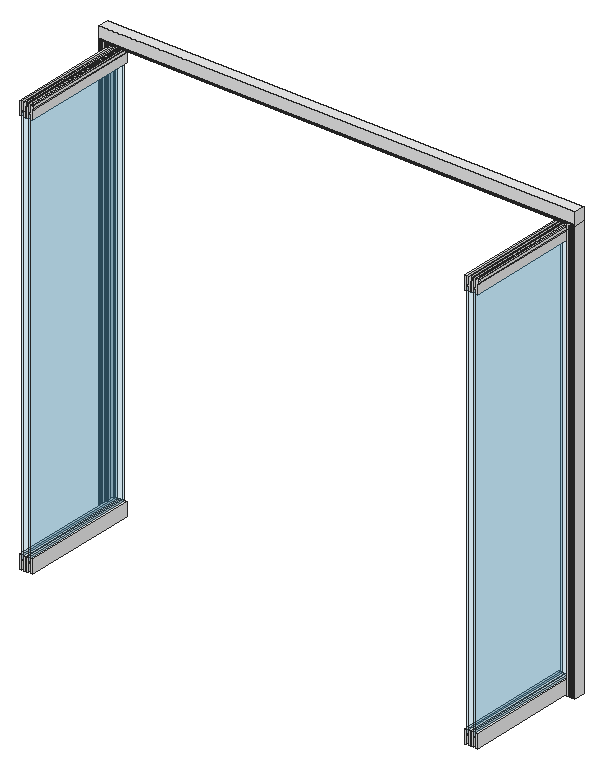
Revit family "98123", category Windows, host Wall, Revit 2018
Family settings
  Host = Wall
  OmniClass Number = 23.30.20.00
  OmniClass Title = Windows
  Always vertical = Yes
  Cut with Voids When Loaded = No
  Shared = No
  Room Calculation Point = No
Parameters (values of type "Standard")
  Y N Overide Stack [instance] = no
  Y N Overide Number of Panels [instance] = no
  Warranty URL = "http://www.nanawall.com/support/warranty"
  URL = "http://www.nanawall.com/"
  Thickness = 0' - 1 95/128"
  Subcategory = "Folding Window"  # constant formula
  Split Stack Right [instance] = 1
  Split Stack [instance] = no
  Size Comment [instance] = if(or(Y N Overide Stack, Y N Overide Number of Panels), "CONTACT NANAWALL FOR SPECIAL SIZING", " ")  # " "
  Size Chart [instance] = "http://www.nanawall.com/products/sl25/sizes"
  Single Right Stack [instance] = if(and(Y N Overide Stack, Left Stack), 1 = 0, if(Right Standard = 1, 1 = 1, if(and(C Split Stack, Split Stack Right = 1), 1 = 1, 1 = 0)))  # no
  Single Panel [instance] = if(and(Open, Width < 3' 3 1/16"), 1 = 1, if(Width > 3' 3", 1 = 0, 1 = 0))  # no
  Single Left Stack [instance] = if(and(not(Y N Overide Stack), (Left Standard = 1)), 1 = 1, if(and(Y N Overide Stack, Left Stack, (Panels = 1)), 1 = 1, (if(and(C Split Stack, Split Stack Right = Panels - 1), 1 = 1, 1 = 0))))  # no
  Sills Available = "Raised, Low Profile Saddle, Flush"  # constant formula
  Sash = Metal - NanaWall - Aluminum
  Rough Width = Width - (2 * (0' 0 121/128"))  # 9' - 10 7/64"
  Rough Height = Height Constraint  # 9' - 2"
  Right Standard [instance] = roundup(Panels / 2)  # 2
  Right Stack Width [instance] = RS C * Thickness  # 0' - 3 31/64"
  Right Stack [instance] = no
  RS C [instance] = if(RS = 1, 2, if(RS = 0, 2, if(C Split Stack, Split Stack Right, RS)))  # 2
  RS [instance] = if(Not Override Stack, Right Standard, if(C Right Stack, Panels, if(C Left Stack, 2, if(C Split Stack, Split Stack Right, 2))))  # 2
  Product Page URL = "http://www.nanawall.com/products/hsw75"
  Performance URL = "http://www.nanawall.com/products/hsw75/performance"
  Panels [instance] = if(Y N Overide Number of Panels, Overide Number of Panels, Panel Constraint)  # 4
  Panel Width [instance] = Opening Width / Panels  # 2' - 5 9/16"
  Panel Height = Height Constraint  # 9' - 2"
  Panel Constraint [instance] = if(Width < 6' 0", 2, if(Width < 9' 0", 3, if(Width < 12' 0", 4, if(Width < 15' 0", 5, if(Width < 18' 0", 6, if(Width < 21' 0", 7, if(Width < 24' 0", 8, if(Width < 27' 0", 9, if(Width < 30' 0", 10, if(Width < 33' 0", 11, if(Width < 36' 0", 12, if(Width < 39' 0", 13, if(Width < 42' 0", 14, if(Width < 45' 0", 15, if(Width < 48' 0", 16, if(Width < 51' 0", 17, if(Width < 54' 0", 18, if(Width < 57' 0", 19, if(Width < 60' 0", 20, 21)))))))))))))))))))  # 4
  Overide Number of Panels [instance] = 6
  Opening Width = Width - (0' 0 7/8" * 2)  # 9' - 10 1/4"
  Open Right Single [instance] = if(and(Open, Single Right Stack), 1 = 1, 1 = 0)  # no
  Open Right Multi [instance] = if(and(Open, Multiple Right Stack), 1 = 1, 1 = 0)  # yes
  Open Left Single [instance] = if(and(Open, Single Left Stack), 1 = 1, 1 = 0)  # no
  Open Left Multi [instance] = if(and(Open, Multiple Left Stack), 1 = 1, 1 = 0)  # yes
  Open [instance] = yes
  Not Override Stack [instance] = not(Y N Overide Stack)  # yes
  NanaWall Configurator = "http://www.nanawall.com/content/select-wizard"
  Multiple Right Stack [instance] = if(Width < 3' 3 1/16", 1 = 0, if(and(Right Standard < 1.5, Not Override Stack), 1 = 0, if(and(Right Standard > 1, Not Override Stack), 1 = 1, (if(and(C Split Stack, Split Stack Right > 1), 1 = 1, if(C Right Stack, 1 = 1, 1 = 0))))))  # yes
  Multiple Panel [instance] = if(and(Open, Width > 3' 3 1/16"), 1 = 0, if(and(Closed, Width > 3' 3 1/16"), 1 = 1, if(Width < 3' 3", 1 = 0, 1 = 1)))  # no
  Multiple Left Stack [instance] = if(and(Left Standard > 1, Not Override Stack), 1 = 1, (if(and(C Split Stack, Split Stack Right < Panels - 1), 1 = 1, if(C Left Stack, 1 = 1, 1 = 0))))  # yes
  Model = "HSW75"  # constant formula
  Max Panel Height = if(Panel Height > 9' 6", 9' 6", Panel Height)  # 9' - 2"
  Manufacturer Toll Free Phone = "(888) 411-NANA(6262)"  # constant formula
  Manufacturer Phone = "(415) 383-3148"  # constant formula
  Manufacturer Fax = "(415) 383-0312"  # constant formula
  Manufacturer Email = "mailto:info@nanawall.com"
  Manufacturer Address = "100 Meadowcreek Drive #250, Corte Madera, CA 94925"  # constant formula
  Manufacturer = "NanaWall Systems, Inc."  # constant formula
  Left Standard [instance] = rounddown(Panels / 2)  # 2
  Left Stack Width [instance] = LS C * Thickness  # 0' - 3 31/64"
  Left Stack [instance] = no
  LS C [instance] = if(L S = 1, 2, if(L S = 0, 2, if(C Split Stack, Panels - Split Stack Right, L S)))  # 2
  L S [instance] = if(Not Override Stack, Left Standard, if(C Left Stack, Panels, if(C Right Stack, 2, if(C Split Stack, Panels - Split Stack Right, 2))))  # 2
  Jamb Height = if(Height < 3' 3", 3' 3 61/64", if(Height > 9' 2", 9' 2 61/64", Height + 0' 0 61/64"))  # 9' - 2 61/64"
  Installation and Service URL = "http://www.nanawall.com/support/installer"
  Height Constraint = if(Height < 3' 3", 3' 3", if(Height > 9' 2", 9' 2", Height))  # 9' - 2"
  Height = 9' - 6"
  Wall Closure = By host
  Width = 10' - 0"
  Half Panel Width [instance] = Panel Width / 2  # 1' - 2 25/32"
  Glazing Options = "http://www.nanawall.com/products/hsw75/glass"
  Glass Material = Glass - NanaWall - Generic
  Exterior Wall Offset = 0' - 4"
  Engineering Details URL = "http://www.nanawall.com/shortform?typ=NW%20-%20CAD%20Download&doc=http://www.nanawall.com/products/hsw75/cad-3d"
  Disclaimer = "Please note that the Revit model is for schematic purposes only.  To obtain a detailed 3D model, please go to the NanaWall's configurator at www.nanawall.com."  # constant formula
  Description = "NanaGlass All Glass Opening Window Wall"  # constant formula
  Cost Info = "http://www.nanawall.com/products/hsw75/pricing"
  Closed [instance] = not(Open)  # no
  Clearance On [instance] = no
  C Split Stack [instance] = if(and(Y N Overide Stack, Split Stack), 1 = 1, if(Right Stack, 1 = 0, if(Left Stack, 1 = 0, 1 = 0)))  # no
  C Right Stack [instance] = if(and(Y N Overide Stack, Right Stack), 1 = 1, if(Left Stack, 1 = 0, if(Split Stack, 1 = 0, 1 = 1)))  # yes
  C Left Stack [instance] = if(and(Y N Overide Stack, Left Stack), 1 = 1, if(Right Stack, 1 = 0, if(Split Stack, 1 = 0, 1 = 0)))  # no
  Assembly Code = "C1010.2010"
  95 CSI = "8411"  # constant formula
  04 CSI = "08 41 13"  # constant formula
Types (2): name | Assembly Code
  (no name) | "B2030110"
  Standard | "C1010.2010"
Reference planes (in)
  plane 1 "Center (Front/Back)": y = 0
  plane 2 "Center (Left/Right)": x = 0
  plane 3 "Left": x = -60
  plane 4 "Right": x = 60
  plane 5 "Top": z = 110
  plane 6: z = 105.9375
  plane 7 "Top Edge Of Sill": z = 0.92188
  plane 8: z = 55
  plane 9: x = -59.125
  plane 10: x = 59.125
  plane 11: x = 54.39062
  plane 12: y = -1.57422
  plane 13: y = 1.57422
  plane 14 "Sash Offset Plane": y = -1
  plane 15: y = -0.375
  plane 16: x = -54.39063
  plane 17: x = -57.875
  plane 18: x = 57.875
Lines and regions (in)
  Opening 1
    outline origin (-90, -3, 0) x (1, 0, 0) y (0, 0, 1)
      loop
        line (30, 0) -> (150, 0) -> (150, 110) -> (30, 110) -> (30, 0)
  symbolic lines, visible <- "Clearance On"
    curve 1: line (-57.875, -0.375, 0) -> (57.875, -0.375, 0)
    curve 2: line (-57.875, -29.9375, 0) -> (-57.875, -0.375, 0)
    curve 3: line (57.875, -29.9375, 0) -> (-57.875, -29.9375, 0)
    curve 4: line (57.875, -0.375, 0) -> (57.875, -29.9375, 0)
  symbolic lines
    curve 5: line (-60, -0.375, 0) -> (60, -0.375, 0)
    curve 6: line (-60, -1.57422, 0) -> (-60, -0.375, 0)
    curve 7: line (60, -1.57422, 0) -> (-60, -1.57422, 0)
    curve 8: line (60, -0.375, 0) -> (60, -1.57422, 0)
    curve 9: line (-59.125, -1.57422, 0) -> (-59.125, -0.375, 0)
    curve 10: line (59.125, -1.57422, 0) -> (59.125, -0.375, 0)
Text (in)
  text "Exterior" at (-74.96733, 61.50183, 0), in view "Ref. Level"
  text "Interior" at (-74.96733, -39.71944, 0), in view "Ref. Level"
  text "Exterior" at (0, 40.15149, 87.26307), in view "Right"
  text "Interior" at (0, -64.39139, 87.26307), in view "Right"
  text "Interior" at (0, -31.01599, 123.00693), in view "Left"
  text "Exterior" at (0, 54.57065, 123.00693), in view "Left"
Dimensions and locks (in)
  "Height Constraint": level to plane 5 "Top"
  "Width": plane 3 "Left" to plane 4 "Right"
  equal spacing: plane 3 "Left", plane 2 "Center (Left/Right)", plane 4 "Right"
  locked: level to plane 7 "Top Edge Of Sill" at 0.92188
  locked: plane 6 to plane 5 "Top" at 4.0625
  equal spacing: level, plane 8, plane 5 "Top"
  plane 3 "Left" to plane 9 = 0' - 0 7/8"
  plane 10 to plane 4 "Right" = 0' - 0 7/8"
  host wall to host wall = 22' - 0"
  equal spacing: plane 13, host wall, plane 12
  locked: plane 13 to plane 12 at 3.14844
  "Exterior Wall Offset": host wall to plane 14 "Sash Offset Plane"
  locked: plane 15 to plane 14 "Sash Offset Plane" at 0.625
  group 2 to group 1 = 0' - 1 95/128"
  group 1 to group 2 = 0' - 0"  (x2)
  group 3 to group 4 = 0' - 1 95/128"
  group 3 to group 4 = 0' - 0"  (x2)
  locked: curve 4 to plane 18 at 0
  "Panel Width": plane 15 to curve 3
  locked: plane 3 "Left" to plane 17 at 2.125
  "Left Stack Width": plane 17 to plane 16
  locked: plane 18 to plane 4 "Right" at 2.125
  nested 3 to plane 5 "Top" = 0' - 3.07646"
  "Right Stack Width": plane 11 to plane 18
  group 5 to group 6 = 0' - 1.74203"
  group 5 to group 6 = 0' - 0"  (x2)
  equal spacing: group 7, group 9, group 10, group 8  (x3)
  group 12 to group 11 = 0' - 1.74203"
  group 11 to group 12 = 0' - 0"  (x2)
  aligned and locked: plane 3 "Left" to Opening 1 sketch curve
  aligned and locked: plane 5 "Top" to Opening 1 sketch curve  (x2)
  aligned and locked: Opening 1 sketch curve to plane 4 "Right"
  aligned and locked: Opening 1 sketch curve to level
  aligned and locked: nested 1 to plane 3 "Left"
  aligned and locked: nested 3 to plane 5 "Top"
  aligned and locked: plane 14 "Sash Offset Plane" to nested 2
  aligned and locked: plane 15 to nested 4
  aligned and locked: nested 5 to plane 11
  aligned and locked: plane 15 to nested 5
  aligned and locked: nested 3 to plane 14 "Sash Offset Plane"
  aligned and locked: plane 15 to nested 6
  aligned and locked: nested 7 to plane 16
  aligned and locked: plane 15 to nested 8
  aligned and locked: plane 15 to nested 9
  aligned and locked: plane 15 to nested 7
  aligned and locked: nested 11 to plane 15
  aligned and locked: plane 17 to nested 6
  aligned and locked: plane 17 to nested 8
  aligned and locked: plane 18 to nested 4
  aligned and locked: plane 18 to nested 9
  aligned and locked: curve 2 to plane 17
  aligned and locked: curve 6 to plane 3 "Left"
  aligned and locked: plane 12 to curve 7
  aligned and locked: plane 4 "Right" to curve 8
  aligned and locked: curve 9 to plane 9
  aligned and locked: plane 10 to curve 10
  aligned and locked: nested 1 to plane 14 "Sash Offset Plane"
  aligned and locked: plane 14 "Sash Offset Plane" to nested 12
  aligned and locked: nested 12 to plane 4 "Right"
  aligned and locked: level to nested 12
  aligned and locked: nested 11 to plane 18
  aligned and locked: nested 10 to plane 15
  aligned and locked: nested 13 to plane 15
  aligned and locked: plane 17 to nested 13
  aligned and locked: nested 7 to plane 15
  aligned and locked: nested 14 to plane 16
  aligned and locked: nested 14 to plane 15
  aligned and locked: plane 17 to nested 10
  aligned and locked: plane 6 to nested 2
  aligned and locked: nested 15 to plane 10
  aligned and locked: nested 2 to plane 9
  aligned and locked: nested 18 to plane 18
  aligned and locked: plane 6 to nested 18
  aligned and locked: plane 6 to nested 11
  aligned and locked: plane 6 to nested 19
  aligned and locked: plane 6 to nested 13
  aligned and locked: plane 6 to nested 10
  aligned and locked: nested 18 to plane 15
  aligned and locked: nested 19 to plane 11
  aligned and locked: nested 19 to plane 15
Automatic sketch dimensions
  curve 4 to plane 15 = 0' - 0"
  curve 6 to plane 15 = 0' - 0"
Nested families (in)
  nested 1: "Jamb_HSW-75" at (-52.69793, -1, 0), type "Left-Jamb_SL-25"
  nested 2: "Sash_HSW-75_NanaWall" at (-44.3314, -9.13695, -0.1875) x (-1, 0, 0) z (0, 0, 1), visible <- "Closed", type "Sash_SL-25_NanaWall"
  nested 3: "Header_HSW-75" at (7.30207, -1, 0), type "Header_SL-25"
  nested 4: "DetailItem_Panel" at (56.95863, -13.49608, 0), visible <- "Open Right Multi", type "DetailItem_Panel"
  nested 5: "DetailItem_Panel" at (55.21644, -13.49608, 0), visible <- "Open Right Multi", type "DetailItem_Panel"
  nested 6: "DetailItem_Panel" at (-57.04918, -13.49608, 0), visible <- "Open Left Multi", type "DetailItem_Panel"
  nested 7: "DetailItem_Panel" at (-55.30699, -13.49608, 0), visible <- "Open Left Multi", type "DetailItem_Panel"
  nested 8: "DetailItem_Panel" at (-57.04918, -13.49608, 0), visible <- "Open Left Single", type "DetailItem_Panel"
  nested 9: "DetailItem_Panel" at (56.95863, -13.49608, 0), visible <- "Open Right Single", type "DetailItem_Panel"
  nested 10: "Sash_HSW-75_NanaWall" at (-65.2932, -15.1686, -0.1875) x (0, 1, 0) z (0, 0, 1), visible <- "Open Left Single", type "Sash_SL-25_NanaWall"
  nested 11: "Sash_HSW-75_NanaWall" at (48.71445, -15.1686, -0.1875) x (0, 1, 0) z (0, 0, 1), visible <- "Open Right Single", type "Sash_SL-25_NanaWall"
  nested 12: "Jamb_HSW-75" at (52.69793, -1, 0) x (-1, 0, 0) z (0, 0, 1), type "Left-Jamb_SL-25"
  nested 13: "Sash_HSW-75_NanaWall" at (-65.2932, -15.1686, -0.1875) x (0, 1, 0) z (0, 0, 1), visible <- "Open Left Multi", type "Sash_SL-25_NanaWall"
  nested 14: "Sash_HSW-75_NanaWall" at (-63.55117, -15.1686, -0.1875) x (0, 1, 0) z (0, 0, 1), visible <- "Open Left Multi", type "Sash_SL-25_NanaWall"
  nested 15: "Sash_HSW-75_NanaWall" at (44.3561, -9.13695, -0.1875) x (-1, 0, 0) z (0, 0, 1), visible <- "Closed", type "Sash_SL-25_NanaWall"
  nested 16: "Sash_HSW-75_NanaWall" at (-14.7689, -9.13695, -0.1875) x (-1, 0, 0) z (0, 0, 1), visible <- "Closed", type "Sash_SL-25_NanaWall"
  nested 17: "Sash_HSW-75_NanaWall" at (14.7936, -9.13695, -0.1875) x (-1, 0, 0) z (0, 0, 1), visible <- "Closed", type "Sash_SL-25_NanaWall"
  nested 18: "Sash_HSW-75_NanaWall" at (48.71445, -15.1686, -0.1875) x (0, 1, 0) z (0, 0, 1), visible <- "Open Right Multi", type "Sash_SL-25_NanaWall"
  nested 19: "Sash_HSW-75_NanaWall" at (46.97242, -15.1686, -0.1875) x (0, 1, 0) z (0, 0, 1), visible <- "Open Right Multi", type "Sash_SL-25_NanaWall"
Definition of nested family "Jamb_HSW-75"
  Parameters
    Width = 5' - 0"
    Left Jamb = none
    Height = 9' - 2 61/64"
    Half = no
    Assembly Code = ""
  Reference planes (in)
    plane 1 "Center (Front/Back)": y = 0
    plane 2: z = 0
    plane 3 "Center (Left/Right)": x = -7.30207
    plane 4 "Top": z = 110.95313
    plane 5: z = 106.92187
  Forms (in)
    Sweep 1, solid, material <- "Left Jamb"
      path origin (-7.30207, 0, 0) x (0, 1, 0) y (0, 0, 1)
        loop
          line (0, 106.92188) -> (0, 0)
      profile origin (-7.30207, 0, 53.46094) x (1, 0, 0) y (0, 1, 0)
        loop
          line (0, 1.38086) -> (0, -1.38086) -> (1.97944, -1.38086) -> (2.0128, -1.19165)
          arc (2.0128, -1.19165) -> (2.00442, -1.16037) -> (1.97508, -1.14669) r 0.0383
          line (1.97508, -1.14669) -> (1.65956, -1.14669)
          arc (1.65956, -1.14669) -> (1.63047, -1.15874) -> (1.61842, -1.18783) r 0.04114
          line (1.61842, -1.18783) -> (1.61842, -1.32165) -> (1.39777, -1.32165) -> (1.42075, -1.19135)
          arc (1.42075, -1.19135) -> (1.41242, -1.16028) -> (1.38327, -1.14669) r 0.03805
          line (1.38327, -1.14669) -> (1.06461, -1.14669)
          arc (1.06461, -1.14669) -> (1.03753, -1.15791) -> (1.02632, -1.18498) r 0.03829
          line (1.02632, -1.18498) -> (1.02632, -1.32165) -> (0.66316, -1.32165) -> (0.66316, -0.70919) -> (0.59211, -0.70919) -> (0.59211, -1.32165) -> (0.07105, -1.32165) -> (0.07105, 1.32165) -> (0.59211, 1.32165) -> (0.59211, 0.66972) -> (0.66316, 0.66972) -> (0.66316, 1.32165) -> (1.43684, 1.32165)
          arc (1.43684, 1.32165) -> (1.46645, 1.35125) -> (1.43684, 1.38086) r 0.02961
          line (1.43684, 1.38086) -> (0, 1.38086)
  Lines and regions (in)
    Masking region 1
      outline origin (0, 0, 0) x (1, 0, 0) y (0, 1, 0)
        loop
          line (-7.23102, 1.32165) -> (-6.70996, 1.32165) -> (-6.70996, 0.66972) -> (-6.63891, 0.66972) -> (-6.63891, 1.32165) -> (-5.86523, 1.32165)
          arc (-5.86523, 1.32165) -> (-5.83562, 1.35125) -> (-5.86523, 1.38086) r 0.02961
          line (-5.86523, 1.38086) -> (-7.30207, 1.38086) -> (-7.30207, -1.38086) -> (-5.32263, -1.38086) -> (-5.28927, -1.19165)
          arc (-5.28927, -1.19165) -> (-5.29765, -1.16037) -> (-5.32699, -1.14669) r 0.0383
          line (-5.32699, -1.14669) -> (-5.64251, -1.14669)
          arc (-5.64251, -1.14669) -> (-5.6716, -1.15874) -> (-5.68365, -1.18783) r 0.04114
          line (-5.68365, -1.18783) -> (-5.68365, -1.32165) -> (-5.9043, -1.32165) -> (-5.88132, -1.19135)
          arc (-5.88132, -1.19135) -> (-5.88965, -1.16028) -> (-5.9188, -1.14669) r 0.03805
          line (-5.9188, -1.14669) -> (-6.23746, -1.14669)
          arc (-6.23746, -1.14669) -> (-6.26454, -1.15791) -> (-6.27575, -1.18498) r 0.03829
          line (-6.27575, -1.18498) -> (-6.27575, -1.32165) -> (-6.63891, -1.32165) -> (-6.63891, -0.70919) -> (-6.70996, -0.70919) -> (-6.70996, -1.32165) -> (-7.23102, -1.32165) -> (-7.23102, 1.32165)
  Dimensions and locks (in)
    "Height": plane 4 "Top" to level
    plane 4 "Top" to level = 9' - 2 61/64"
    locked: plane 4 "Top" to plane 5 at 4.03125
    aligned and locked: level to Sweep 1 sketch curve
    aligned and locked: plane 3 "Center (Left/Right)" to nested 1
    aligned and locked: nested 1 to Sweep 1 sketch curve  (x3)
    aligned and locked: Sweep 1 sketch curve to nested 1  (x2)
    aligned and locked: plane 5 to Sweep 1 sketch curve
  Automatic sketch dimensions
    Sweep 1 sketch curve to plane 1 "Center (Front/Back)" = 0' - 0"
    Sweep 1 sketch curve to profile plane = 0' - 0"
    Sweep 1 sketch curve to Sweep 1 sketch curve = 0' - 0.43421"
    Sweep 1 sketch curve to Sweep 1 sketch curve = 0' - 0.07105"
    Sweep 1 sketch curve to Sweep 1 sketch curve = 0' - 0.03829"
    Sweep 1 sketch curve to Sweep 1 sketch curve = 0' - 0.23515"
    Sweep 1 sketch curve to Sweep 1 sketch curve = 0' - 0.0145"
    profile plane to Sweep 1 sketch curve = 0' - 1.19135"
    Sweep 1 sketch curve to Sweep 1 sketch curve = 0' - 0.77368"
    Sweep 1 sketch curve to Sweep 1 sketch curve = 0' - 0.04114"
    Sweep 1 sketch curve to Sweep 1 sketch curve = 0' - 0.00436"
    profile plane to Sweep 1 sketch curve = 0' - 1.19165"
    profile plane to Sweep 1 sketch curve = 0' - 0.70919"
    Sweep 1 sketch curve to profile plane = 0' - 0.66972"
    Sweep 1 sketch curve to Sweep 1 sketch curve = 0' - 0"  (x3)
    Sweep 1 sketch curve to Sweep 1 sketch curve = 0' - 0.03748"
    Sweep 1 sketch curve to Sweep 1 sketch curve = 0' - 0.31551"
    Sweep 1 sketch curve to Sweep 1 sketch curve = 0' - 0.03772"
    Sweep 1 sketch curve to Sweep 1 sketch curve = 0' - 0.1303"
    Sweep 1 sketch curve to Sweep 1 sketch curve = 0' - 0.05921"
    Sweep 1 sketch curve to Sweep 1 sketch curve = 0' - 0.13382"
    Sweep 1 sketch curve to Sweep 1 sketch curve = 0' - 0.13667"
    Sweep 1 sketch curve to Sweep 1 sketch curve = 0' - 0.65193"
    Sweep 1 sketch curve to Sweep 1 sketch curve = 0' - 0.02961"
    plane 3 "Center (Left/Right)" to Masking region 1 sketch curve = 0' - 0.07105"
    Masking region 1 sketch curve to Masking region 1 sketch curve = 0' - 0.52105"  (x2)
    Masking region 1 sketch curve to plane 1 "Center (Front/Back)" = 0' - 0.66972"
    Masking region 1 sketch curve to Masking region 1 sketch curve = 0' - 0.65193"
    Masking region 1 sketch curve to Masking region 1 sketch curve = 0' - 0.07105"  (x2)
    Masking region 1 sketch curve to Masking region 1 sketch curve = 0' - 0"  (x2)
    Masking region 1 sketch curve to Masking region 1 sketch curve = 0' - 0.77368"
    Masking region 1 sketch curve to Masking region 1 sketch curve = 0' - 0.02961"
    Masking region 1 sketch curve to plane 3 "Center (Left/Right)" = 0' - 0"
    plane 1 "Center (Front/Back)" to Masking region 1 sketch curve = 0' - 1.38086"
    Masking region 1 sketch curve to Masking region 1 sketch curve = 0' - 0.05921"
    Masking region 1 sketch curve to Masking region 1 sketch curve = 0' - 1.90838"
    Masking region 1 sketch curve to Masking region 1 sketch curve = 0' - 0.61246"
    Masking region 1 sketch curve to Masking region 1 sketch curve = 0' - 0.36316"
    Masking region 1 sketch curve to Masking region 1 sketch curve = 0' - 0.13667"
    Masking region 1 sketch curve to Masking region 1 sketch curve = 0' - 0.03829"
    Masking region 1 sketch curve to Masking region 1 sketch curve = 0' - 0.31866"
    Masking region 1 sketch curve to Masking region 1 sketch curve = 0' - 0.03748"
    Masking region 1 sketch curve to Masking region 1 sketch curve = 0' - 0.04466"
    Masking region 1 sketch curve to Masking region 1 sketch curve = 0' - 0.02298"
    Masking region 1 sketch curve to Masking region 1 sketch curve = 0' - 0.1303"
    Masking region 1 sketch curve to Masking region 1 sketch curve = 0' - 0.22065"
    Masking region 1 sketch curve to Masking region 1 sketch curve = 0' - 0.13382"
    Masking region 1 sketch curve to Masking region 1 sketch curve = 0' - 0.04114"
    Masking region 1 sketch curve to Masking region 1 sketch curve = 0' - 0.00436"
    Masking region 1 sketch curve to Masking region 1 sketch curve = 0' - 0.03772"
    Masking region 1 sketch curve to Masking region 1 sketch curve = 0' - 0.04496"
  Nested families (in)
    nested 1: "Detail Item_Jamb_HSW-75" at (-7.30207, 0, 0), type "Detail Item_Right-Jamb_SL-25", detail levels fine
  Definition of nested family "Detail Item_Jamb_HSW-75"
    Parameters
      SmartBIM Object Version = 1
      SmartBIM Object Created By = "Reed Construction Data"
      Half = no
      Assembly Code = ""
      95 CSI = ""
      04 CSI = ""
    Reference planes (in)
      plane 1 "Center (Front/Back)": y = 0
      plane 2: z = 0
      plane 3 "Center (Left/Right)": x = 0
    Lines and regions (in)
      model lines, in view "Ref. Level"
        curve 1: arc (1.38158, -1.14669, 0) -> (1.41182, -1.16079, 0) -> (1.42045, -1.19302, 0) r 0.03947
        curve 2: arc (1.02632, -1.18616, 0) -> (1.03788, -1.15825, 0) -> (1.06579, -1.14669, 0) r 0.03947
        curve 3: arc (1.97368, -1.14669, 0) -> (2.00392, -1.16079, 0) -> (2.01256, -1.19302, 0) r 0.03947
        curve 4: arc (1.61842, -1.18616, 0) -> (1.62998, -1.15825, 0) -> (1.65789, -1.14669, 0) r 0.03947
        curve 5: arc (1.85526, -1.14669, 0) -> (1.86364, -1.15016, 0) -> (1.86711, -1.15853, 0) r 0.01184
        curve 6: arc (1.86711, -1.2059, 0) -> (1.86364, -1.21427, 0) -> (1.85526, -1.21774, 0) r 0.01184
        curve 7: arc (1.77632, -1.21774, 0) -> (1.76794, -1.21427, 0) -> (1.76447, -1.2059, 0) r 0.01184
        curve 8: arc (1.76447, -1.15853, 0) -> (1.76794, -1.15016, 0) -> (1.77632, -1.14669, 0) r 0.01184
        curve 9: arc (1.75015, -1.02874, 0) -> (1.7762, -1.06256, 0) -> (1.74474, -1.09143, 0) r 0.03158
        curve 10: arc (1.67763, -1.14669, 0) -> (1.69382, -1.10761, 0) -> (1.73289, -1.09143, 0) r 0.05526
        curve 11: arc (1.71227, -1.21505, 0) -> (1.70944, -1.20691, 0) -> (1.71573, -1.20103, 0) r 0.00789
        curve 12: arc (1.91584, -1.20103, 0) -> (1.92214, -1.20691, 0) -> (1.9193, -1.21505, 0) r 0.00789
        curve 13: arc (2.025, -0.9912, 0) -> (2.01566, -1.06974, 0) -> (1.99737, -1.14669, 0) r 0.68825
        curve 14: arc (1.9856, -0.94932, 0) -> (2.01435, -0.96175, 0) -> (2.025, -0.9912, 0) r 0.03947
        curve 15: arc (1.875, -0.96088, 0) -> (1.88781, -0.95233, 0) -> (1.90291, -0.94932, 0) r 0.03947
        curve 16: arc (1.84732, -0.98856, 0) -> (1.83132, -0.99828, 0) -> (1.81264, -0.99954, 0) r 0.03947
        curve 17: arc (1.77256, -1.04491, 0) -> (1.74714, -1.03863, 0) -> (1.72518, -1.02439, 0) r 0.07895
        curve 18: line (1.42045, -1.19302, 0) -> (1.39777, -1.32165, 0)
        curve 19: line (1.97944, -1.38086, 0) -> (0, -1.38086, 0)
        curve 20: line (0, 1.38086, 0) -> (0.84474, 1.38086, 0)
        curve 21: line (0.59211, 1.32165, 0) -> (0.07105, 1.32165, 0)
        curve 22: line (0.07105, 1.32165, 0) -> (0.07105, 0.04025, 0)
        curve 23: line (0.07105, 0.04025, 0) -> (0.05921, 0.01974, 0)
        curve 24: line (0.05921, 0.01974, 0) -> (0.07105, -0.00077, 0)
        curve 25: line (0.07105, -0.00077, 0) -> (0.07105, -1.32165, 0)
        curve 26: line (0.07105, -1.32165, 0) -> (1.02632, -1.32165, 0)
        curve 27: line (1.02632, -1.32165, 0) -> (1.02632, -1.18616, 0)
        curve 28: line (1.06579, -1.14669, 0) -> (1.13487, -1.14669, 0)
        curve 29: line (1.13487, -1.14669, 0) -> (1.13487, -1.18616, 0)
        curve 30: line (1.13487, -1.18616, 0) -> (1.08553, -1.18616, 0)
        curve 31: line (1.08553, -1.18616, 0) -> (1.08553, -1.32165, 0)
        curve 32: line (1.33797, -1.32165, 0) -> (1.36154, -1.18616, 0)
        curve 33: line (1.36154, -1.18616, 0) -> (1.3125, -1.18616, 0)
        curve 34: line (1.3125, -1.18616, 0) -> (1.3125, -1.14669, 0)
        curve 35: line (1.3125, -1.14669, 0) -> (1.38158, -1.14669, 0)
        curve 36: line (2.01256, -1.19302, 0) -> (1.97944, -1.38086, 0)
        curve 37: line (0.59211, -1.38086, 0) -> (0.59211, -0.70919, 0)
        curve 38: line (0.59211, 1.38086, 0) -> (1.43684, 1.38086, 0)
        curve 39: line (1.43684, 1.32165, 0) -> (0.66316, 1.32165, 0)
        curve 40: line (0.66316, 1.32165, 0) -> (0.66316, 0.66972, 0)
        curve 41: line (0.66316, -0.70919, 0) -> (0.66316, -1.32165, 0)
        curve 42: line (0.66316, -1.32165, 0) -> (1.61842, -1.32165, 0)
        curve 43: line (1.61842, -1.32165, 0) -> (1.61842, -1.18616, 0)
        curve 44: line (1.65789, -1.14669, 0) -> (1.72697, -1.14669, 0)
        curve 45: line (1.72697, -1.14669, 0) -> (1.72697, -1.18616, 0)
        curve 46: line (1.72697, -1.18616, 0) -> (1.67763, -1.18616, 0)
        curve 47: line (1.67763, -1.18616, 0) -> (1.67763, -1.38086, 0)
        curve 48: line (1.91977, -1.38086, 0) -> (1.95364, -1.18616, 0)
        curve 49: line (1.95364, -1.18616, 0) -> (1.90461, -1.18616, 0)
        curve 50: line (1.90461, -1.18616, 0) -> (1.90461, -1.14669, 0)
        curve 51: line (1.90461, -1.14669, 0) -> (1.97368, -1.14669, 0)
        curve 52: line (1.72697, -1.14669, 0) -> (1.67763, -1.14669, 0)
        curve 53: line (1.67763, -1.14669, 0) -> (1.73289, -1.14669, 0)
        curve 54: line (1.73289, -1.14669, 0) -> (1.73289, -1.19801, 0)
        curve 55: line (1.73289, -1.19801, 0) -> (1.71573, -1.20103, 0)
        curve 56: line (1.86711, -1.15853, 0) -> (1.86711, -1.2059, 0)
        curve 57: line (1.85526, -1.21774, 0) -> (1.77632, -1.21774, 0)
        curve 58: line (1.76447, -1.2059, 0) -> (1.76447, -1.15853, 0)
        curve 59: line (1.77632, -1.14669, 0) -> (1.85526, -1.14669, 0)
        curve 60: line (1.84732, -0.98856, 0) -> (1.875, -0.96088, 0)
        curve 61: line (1.75015, -1.02874, 0) -> (1.67368, -1.01543, 0)
        curve 62: line (1.67368, -1.01543, 0) -> (1.68519, -0.94932, 0)
        curve 63: line (1.68519, -0.94932, 0) -> (1.72408, -0.95609, 0)
        curve 64: line (1.72408, -0.95609, 0) -> (1.71934, -0.98331, 0)
        curve 65: line (1.71934, -0.98331, 0) -> (1.81264, -0.99954, 0)
        curve 66: line (1.73289, -1.09143, 0) -> (1.74474, -1.09143, 0)
        curve 67: line (1.9193, -1.21505, 0) -> (1.875, -1.24932, 0)
        curve 68: line (1.875, -1.24932, 0) -> (1.75658, -1.24932, 0)
        curve 69: line (1.75658, -1.24932, 0) -> (1.71227, -1.21505, 0)
        curve 70: line (1.99737, -1.14669, 0) -> (1.89868, -1.14669, 0)
        curve 71: line (1.89868, -1.14669, 0) -> (1.89868, -1.19801, 0)
        curve 72: line (1.89868, -1.19801, 0) -> (1.91584, -1.20103, 0)
        curve 73: line (1.90291, -0.94932, 0) -> (1.9856, -0.94932, 0)
        curve 76: line (0.59211, 0.66972, 0) -> (0.59211, 1.38086, 0)
      detail lines, in view "Ref. Level"
        curve 74: line (0.66316, 0.66972, 0) -> (0.59211, 0.66972, 0)
        curve 75: line (0.66316, -0.70919, 0) -> (0.59211, -0.70919, 0)
        curve 77: arc (1.43684, 1.38086, 0) -> (1.46645, 1.35125, 0) -> (1.43684, 1.32165, 0) r 0.02961
        curve 78: line (0, -1.38086, 0) -> (0, 1.38086, 0)
Definition of nested family "Sash_HSW-75_NanaWall"
  Parameters
    Width = 2' - 5 9/16"
    Thickness = 0' - 1 7/16"
    Sash = none
    Rail Thickness = 0' - 3 5/16"
    Height = 9' - 2"
    Glass Thickness = 0' - 0 1/2"
    Glass = none
    Depth = 0' - 1 95/128"
    Assembly Code = ""
  Reference planes (in)
    plane 1 "Center (Front/Back)": y = -8.13695
    plane 2: z = 0
    plane 3 "Center (Left/Right)": x = 0.01235
    plane 4 "Interior": y = -7.4182
    plane 5 "Exterior": y = -8.8557
    plane 6 "Interior Edge of Glass": y = -8.38695
    plane 7 "Exterior Edge of Glass": y = -7.88695
    plane 8 "Top": z = 110
    plane 9 "Top Edge": z = 106.125
    plane 10 "Bottom Edge of Glass": z = 0.25
    plane 11 "Left Edge of Glass": x = -14.7689
    plane 12 "Right Edge of Glass": x = 14.7936
    plane 13: z = 3.5625
    plane 14: z = 2.57812
    plane 15: z = 102.8125
    plane 16: z = 103.79687
    plane 17: y = -9.16055
    plane 18: x = -14.9564
    plane 19: x = 14.9811
  Forms (in)
    Extrusion 1, solid, material <- "Glass"
      sketch origin (0, 0, 0) x (1, 0, 0) y (0, 1, 0)
        loop
          line (-14.7689, -7.88695) -> (-14.7689, -8.38695) -> (14.7936, -8.38695) -> (14.7936, -7.88695) -> (-14.7689, -7.88695)
      from 2.57812 to 103.79687
    Extrusion 2, solid, material <- "Sash"
      sketch origin (0.01235, -69.16658, -133.32511) x (0, 1, 0) y (0, 0, 1)
        loop
          line (61.74838, 136.88761) -> (61.27963, 136.88761) -> (61.27963, 135.90324) -> (60.77963, 135.90324) -> (60.77963, 136.88761) -> (60.31088, 136.88761) -> (60.31088, 133.57511) -> (60.71713, 133.57511) -> (60.71713, 135.70636) -> (61.34213, 135.70636) -> (61.34213, 133.57511) -> (61.74838, 133.57511) -> (61.74838, 136.88761)
      from -14.78125 to 14.78125
    Extrusion 3, solid, material <- "Sash"
      sketch origin (0.01235, -8.67648, -168.46857) x (0, 1, 0) y (0, 0, 1)
        loop
          line (1.25828, 271.28107) -> (1.25828, 274.59357) -> (0.84468, 274.59357) -> (0.84468, 272.46232) -> (0.23437, 272.46232) -> (0.23437, 274.59357) -> (-0.11001, 274.59357) -> (-0.11001, 273.66176) -> (-0.17922, 273.66176) -> (-0.17922, 271.28107) -> (0.28953, 271.28107) -> (0.28953, 272.26544) -> (0.78953, 272.26544) -> (0.78953, 271.28107) -> (1.25828, 271.28107)
      from -14.78125 to 14.78125
    Extrusion 4, solid, material <- "Sash"
      sketch origin (0.01235, 18.33622, -72.40611) x (0, 1, 0) y (0, 0, 1)
        loop
          line (-27.12271, 178.78892) -> (-27.35896, 178.78892) -> (-27.35896, 178.53111) -> (-27.41802, 178.53111)
          arc (-27.41802, 178.53111) -> (-27.47371, 178.50804) -> (-27.49677, 178.45236) r 0.07875
          line (-27.49677, 178.45236) -> (-27.49677, 177.85071)
          arc (-27.49677, 177.85071) -> (-27.45609, 177.73074) -> (-27.35074, 177.6604) r 0.19687
          line (-27.35074, 177.6604) -> (-27.19193, 177.5993) -> (-27.12271, 177.5993) -> (-27.12271, 178.78892)
      from -14.78125 to 14.78125
  Cuts and joins
    joined: Extrusion 3, Extrusion 4
  Lines and regions (in)
    Masking region 1
      outline origin (0, 0, 0) x (1, 0, 0) y (0, 1, 0)
        loop
          line (-14.7689, -8.8557) -> (14.7936, -8.8557) -> (14.7936, -8.38695) -> (-14.7689, -8.38695) -> (-14.7689, -8.8557)
    Masking region 2
      outline origin (0, 0, 0) x (1, 0, 0) y (0, 1, 0)
        loop
          line (-14.7689, -7.88695) -> (14.7936, -7.88695) -> (14.7936, -7.4182) -> (-14.7689, -7.4182) -> (-14.7689, -7.88695)
    Masking region 3
      outline origin (0, 0, 0) x (1, 0, 0) y (0, 1, 0)
        loop
          line (-14.7689, -7.88695) -> (-14.7689, -8.38695) -> (14.7936, -8.38695) -> (14.7936, -7.88695) -> (-14.7689, -7.88695)
  Text (in)
    text "INTERIOR" at (-20.63559, -1.53987, 0), in view "Ref. Level"
    text "EXTERIOR" at (-58.41771, -20.04114, 0), in view "Ref. Level"
  Dimensions and locks (in)
    equal spacing: plane 4 "Interior", plane 1 "Center (Front/Back)", plane 5 "Exterior"
    "Thickness": plane 4 "Interior" to plane 5 "Exterior"
    "Height": plane 8 "Top" to level
    locked: plane 10 "Bottom Edge of Glass" to plane 2 at 0.25
    "Rail Thickness": plane 13 to plane 10 "Bottom Edge of Glass"
    equal spacing: plane 7 "Exterior Edge of Glass", plane 1 "Center (Front/Back)", plane 6 "Interior Edge of Glass"
    "Glass Thickness": plane 7 "Exterior Edge of Glass" to plane 6 "Interior Edge of Glass"
    "Rail Thickness": plane 9 "Top Edge" to plane 15
    locked: plane 8 "Top" to plane 9 "Top Edge" at 3.875
    locked: plane 13 to plane 14 at 0.98438
    locked: plane 16 to plane 15 at 0.98437
    locked: plane 11 "Left Edge of Glass" to plane 18 at 0.1875
    locked: plane 12 "Right Edge of Glass" to plane 19 at 0.1875
    equal spacing: plane 12 "Right Edge of Glass", plane 3 "Center (Left/Right)", plane 11 "Left Edge of Glass"
    "Width": plane 12 "Right Edge of Glass" to plane 11 "Left Edge of Glass"
    aligned and locked: Extrusion 1 sketch curve to plane 6 "Interior Edge of Glass"
    aligned and locked: Masking region 1 sketch curve to plane 5 "Exterior"
    aligned and locked: Masking region 1 sketch curve to plane 6 "Interior Edge of Glass"
    aligned and locked: Masking region 2 sketch curve to plane 4 "Interior"
    aligned and locked: Masking region 2 sketch curve to plane 7 "Exterior Edge of Glass"
    aligned and locked: Masking region 3 sketch curve to plane 7 "Exterior Edge of Glass"
    aligned and locked: Masking region 3 sketch curve to plane 6 "Interior Edge of Glass"
    aligned and locked: Extrusion 1 to plane 12 "Right Edge of Glass"
    aligned and locked: Extrusion 1 to plane 11 "Left Edge of Glass"
    aligned and locked: plane 14 to Extrusion 1
    aligned and locked: Extrusion 1 to plane 16
    aligned and locked: Extrusion 3 to plane 11 "Left Edge of Glass"
    aligned and locked: Extrusion 4 to plane 11 "Left Edge of Glass"
    aligned and locked: Extrusion 4 to plane 12 "Right Edge of Glass"
    aligned and locked: Extrusion 3 to plane 12 "Right Edge of Glass"
    aligned and locked: Masking region 2 to plane 12 "Right Edge of Glass"
    aligned and locked: Masking region 1 to plane 12 "Right Edge of Glass"
    aligned and locked: Masking region 3 to plane 12 "Right Edge of Glass"
    aligned and locked: Masking region 2 to plane 11 "Left Edge of Glass"
    aligned and locked: Masking region 3 to plane 11 "Left Edge of Glass"
    aligned and locked: Masking region 1 to plane 11 "Left Edge of Glass"
    aligned and locked: Extrusion 2 to plane 11 "Left Edge of Glass"
    aligned and locked: Extrusion 2 to plane 12 "Right Edge of Glass"
    aligned and locked: cut or joined group of Extrusion 3, Extrusion 4 to plane 12 "Right Edge of Glass"
    aligned and locked: cut or joined group of Extrusion 3, Extrusion 4 to plane 11 "Left Edge of Glass"
    aligned and locked: Extrusion 4 sketch curve to plane 9 "Top Edge"
  Automatic sketch dimensions
    Extrusion 1 sketch curve to plane 7 "Exterior Edge of Glass" = 0' - 0"
    Extrusion 2 sketch curve to plane 10 "Bottom Edge of Glass" = 0' - 0"  (x2)
    Extrusion 2 sketch curve to plane 13 = 0' - 0"  (x2)
    plane 5 "Exterior" to Extrusion 2 sketch curve = 0' - 0"
    Extrusion 2 sketch curve to plane 6 "Interior Edge of Glass" = 0' - 0 1/16"
    plane 1 "Center (Front/Back)" to Extrusion 2 sketch curve = 0' - 0 1/4"
    Extrusion 2 sketch curve to plane 7 "Exterior Edge of Glass" = 0' - 0"
    plane 7 "Exterior Edge of Glass" to Extrusion 2 sketch curve = 0' - 0 1/16"
    Extrusion 2 sketch curve to plane 4 "Interior" = 0' - 0"
    Extrusion 2 sketch curve to plane 13 = 0' - 1.18125"
    Extrusion 2 sketch curve to Extrusion 2 sketch curve = 0' - 0.19688"
    plane 15 to Extrusion 3 sketch curve = 0' - 0"  (x2)
    Extrusion 3 sketch curve to plane 9 "Top Edge" = 0' - 0"  (x2)
    plane 5 "Exterior" to Extrusion 3 sketch curve = 0' - 1 7/16"
    plane 5 "Exterior" to Extrusion 3 sketch curve = 0' - 1.02391"
    Extrusion 3 sketch curve to Extrusion 3 sketch curve = 0' - 0.05516"
    Extrusion 3 sketch curve to Extrusion 3 sketch curve = 0' - 0 1/2"
    Extrusion 3 sketch curve to Extrusion 3 sketch curve = 0' - 0.61031"
    Extrusion 3 sketch curve to Extrusion 3 sketch curve = 0' - 0.34438"
    Extrusion 3 sketch curve to Extrusion 3 sketch curve = 0' - 0.06922"
    Extrusion 3 sketch curve to Extrusion 3 sketch curve = 0' - 0.19687"
    Extrusion 3 sketch curve to Extrusion 3 sketch curve = 0' - 0.93181"
    Extrusion 3 sketch curve to plane 15 = 0' - 0 63/64"
    Extrusion 1 sketch curve to plane 12 "Right Edge of Glass" = 0' - 0"
    Masking region 1 sketch curve to plane 12 "Right Edge of Glass" = 0' - 0"
    Masking region 2 sketch curve to plane 12 "Right Edge of Glass" = 0' - 0"
    Masking region 3 sketch curve to plane 12 "Right Edge of Glass" = 0' - 0"
    Extrusion 1 sketch curve to plane 11 "Left Edge of Glass" = 0' - 0"
    Masking region 1 sketch curve to plane 11 "Left Edge of Glass" = 0' - 0"
    Masking region 2 sketch curve to plane 11 "Left Edge of Glass" = 0' - 0"
    Masking region 3 sketch curve to plane 11 "Left Edge of Glass" = 0' - 0"
    Extrusion 4 sketch curve to plane 5 "Exterior" = 0' - 0"
    Extrusion 4 sketch curve to plane 5 "Exterior" = 0' - 0.10797"
    plane 17 to Extrusion 4 sketch curve = 0' - 0.14603"
    plane 17 to Extrusion 4 sketch curve = 0' - 0.13781"
    plane 17 to Extrusion 4 sketch curve = 0' - 0.07875"
    plane 17 to Extrusion 4 sketch curve = 0' - 0"
    plane 5 "Exterior" to Extrusion 4 sketch curve = 0' - 0.06922"
    Extrusion 4 sketch curve to Extrusion 4 sketch curve = 0' - 0.60164"
    Extrusion 4 sketch curve to Extrusion 4 sketch curve = 0' - 0.00012"
    Extrusion 4 sketch curve to Extrusion 4 sketch curve = 0' - 0.0611"
    plane 9 "Top Edge" to Extrusion 4 sketch curve = 0' - 0 33/128"
Definition of nested family "Header_HSW-75"
  Parameters
    Width = 10' - 0"
    Height = 9' - 2"
    Header = none
    Half = no
    Assembly Code = ""
  Reference planes (in)
    plane 1 "Center (Front/Back)": y = 0
    plane 2: z = 0
    plane 3 "Center (Left/Right)": x = -7.30207
    plane 4 "Left": x = -67.30207
    plane 5 "Right": x = 52.69793
    plane 6 "Top": z = 110
    plane 7: x = -67.17707
    plane 8: x = 52.57293
  Forms (in)
    Sweep 1, solid, material <- "Header"
      path origin (-67.09578, -180, 110) x (-1, 0, 0) y (0, -1, 0)
        loop
          line (0.20629, -180.13672) -> (-119.79371, -180.13672)
      profile origin (-7.30207, 0.13672, 110) x (0, 1, 0) y (0, 0, 1)
        loop
          line (1.24374, 0) -> (-1.51718, 0) -> (-1.51718, -2.87925)
          arc (-1.51718, -2.87925) -> (-1.45942, -3.0187) -> (-1.31997, -3.07646) r 0.19721
          line (-1.31997, -3.07646) -> (1.04653, -3.07646)
          arc (1.04653, -3.07646) -> (1.18598, -3.0187) -> (1.24374, -2.87925) r 0.19721
          line (1.24374, -2.87925) -> (1.24374, 0)
    Sweep 2, solid, material <- "Header"
      path origin (0, 0, 0) x (1, 0, 0) y (0, 1, 0)
        loop
          line (-67.17707, 0) -> (52.57293, 0)
      profile origin (-7.30207, 0, 0) x (0, 1, 0) y (0, 0, 1)
        loop
          line (0.27609, 106.19387) -> (0.27609, 106.92354) -> (-0.27609, 106.92354) -> (-0.27609, 106.19387) -> (-0.43386, 106.19387) -> (-0.43386, 105.9375) -> (0.43386, 105.9375) -> (0.43386, 106.19387) -> (0.27609, 106.19387)
  Cuts and joins
    joined: Sweep 1, Sweep 2
  Dimensions and locks (in)
    equal spacing: plane 4 "Left", plane 3 "Center (Left/Right)", plane 5 "Right"
    "Width": plane 4 "Left" to plane 5 "Right"
    "Height": plane 6 "Top" to level
    locked: plane 4 "Left" to plane 7 at 0.125
    locked: plane 8 to plane 5 "Right" at 0.125
    aligned and locked: plane 6 "Top" to Sweep 1 sketch curve
    aligned and locked: plane 6 "Top" to nested 1
    aligned and locked: nested 1 to plane 1 "Center (Front/Back)"
    aligned and locked: Sweep 2 sketch curve to plane 1 "Center (Front/Back)"
    aligned and locked: plane 8 to Sweep 2 sketch curve
    aligned and locked: plane 7 to Sweep 2 sketch curve
  Automatic sketch dimensions
    Sweep 1 sketch curve to plane 5 "Right" = 0' - 0"
    Sweep 1 sketch curve to plane 4 "Left" = 0' - 0"
    Sweep 1 sketch curve to plane 1 "Center (Front/Back)" = 0' - 0 35/256"
    Sweep 1 sketch curve to Sweep 1 sketch curve = 0' - 0.19721"
    profile plane to Sweep 1 sketch curve = 0' - 1.31997"
    Sweep 1 sketch curve to Sweep 1 sketch curve = 0' - 2.3665"
    Sweep 1 sketch curve to profile plane = 0' - 1.24374"
    Sweep 1 sketch curve to plane 6 "Top" = 0' - 2.87925"
    profile plane to Sweep 2 sketch curve = 0' - 0.43386"
    profile plane to Sweep 2 sketch curve = 0' - 0.27609"
    Sweep 2 sketch curve to profile plane = 0' - 0.27609"
    Sweep 2 sketch curve to Sweep 2 sketch curve = 0' - 0.15777"
    level to Sweep 2 sketch curve = 8' - 9 15/16"
    Sweep 2 sketch curve to Sweep 2 sketch curve = 0' - 0.25637"  (x2)
    Sweep 2 sketch curve to Sweep 2 sketch curve = 0' - 0.72967"
  Nested families (in)
    nested 1: "Head Profile" at (-67.30207, 0, 105.9375) x (0, 1, 0) z (1, 0, 0), type "Head Profile", detail levels fine
  Definition of nested family "Head Profile"
    Reference planes (in)
      plane 1 "Center (Front/Back)": y = 0
      plane 2: z = 0
      plane 3 "Center (Left/Right)": x = 0
      plane 4: y = 4.0625
    Lines and regions (in)
      detail lines, in view "Ref. Level"
        curve 1: line (-1.38046, 3.8574, 0) -> (-1.38046, 1.18325, 0)
        curve 2: line (-1.32524, 3.78641, 0) -> (-1.32524, 3.8574, 0)
        curve 3: line (-1.1872, 3.78641, 0) -> (-1.32524, 3.78641, 0)
        curve 4: line (-1.1872, 4.0625, 0) -> (-1.1872, 3.78641, 0)
        curve 5: line (-1.0999, 4.0625, 0) -> (-1.1872, 4.0625, 0)
        curve 6: line (-1.03535, 3.95069, 0) -> (-1.0999, 4.0625, 0)
        curve 7: arc (-1.03535, 3.95069, 0) -> (-0.98604, 3.76669, 0) -> (-0.93674, 3.95069, 0) r 0.0986
        curve 8: line (-0.87219, 4.0625, 0) -> (-0.93674, 3.95069, 0)
        curve 9: line (-0.68629, 4.0625, 0) -> (-0.87219, 4.0625, 0)
        curve 10: line (-0.79278, 3.98362, 0) -> (-0.68629, 3.98362, 0)
        curve 11: line (-0.79278, 3.77852, 0) -> (-0.79278, 3.98362, 0)
        curve 12: line (-0.68629, 3.77852, 0) -> (-0.79278, 3.77852, 0)
        curve 13: line (-0.41808, 3.74697, 0) -> (-0.68629, 3.74697, 0)
        curve 14: line (-0.31159, 3.77852, 0) -> (-0.41808, 3.77852, 0)
        curve 15: line (-0.31159, 3.98362, 0) -> (-0.31159, 3.77852, 0)
        curve 16: line (-0.42597, 3.98362, 0) -> (-0.31159, 3.98362, 0)
        curve 17: line (-0.42597, 4.0625, 0) -> (-0.42597, 3.98362, 0)
        curve 18: line (-0.11386, 4.0625, 0) -> (-0.42597, 4.0625, 0)
        curve 19: line (-0.07888, 4.00192, 0) -> (-0.11386, 4.0625, 0)
        curve 20: line (0.11386, 4.0625, 0) -> (0.07888, 4.00192, 0)
        curve 21: arc (-0.07888, 4.00192, 0) -> (0, 3.70752, 0) -> (0.07888, 4.00192, 0) r 0.15777
        curve 22: line (0.42597, 4.0625, 0) -> (0.11386, 4.0625, 0)
        curve 23: line (0.42597, 3.98362, 0) -> (0.42597, 4.0625, 0)
        curve 24: line (0.31159, 3.77852, 0) -> (0.31159, 3.98362, 0)
        curve 25: line (0.31159, 3.98362, 0) -> (0.42597, 3.98362, 0)
        curve 26: line (0.41808, 3.77852, 0) -> (0.31159, 3.77852, 0)
        curve 27: line (0.68629, 3.74697, 0) -> (0.41808, 3.74697, 0)
        curve 28: line (0.79278, 3.77852, 0) -> (0.68629, 3.77852, 0)
        curve 29: line (0.79278, 3.98362, 0) -> (0.79278, 3.77852, 0)
        curve 30: line (0.6784, 4.0625, 0) -> (0.6784, 3.98362, 0)
        curve 31: line (0.6784, 3.98362, 0) -> (0.79278, 3.98362, 0)
        curve 32: line (0.87219, 4.0625, 0) -> (0.6784, 4.0625, 0)
        curve 33: line (0.93674, 3.95069, 0) -> (0.87219, 4.0625, 0)
        curve 34: arc (0.93674, 3.95069, 0) -> (0.98604, 3.76669, 0) -> (1.03535, 3.95069, 0) r 0.0986
        curve 35: line (1.0999, 4.0625, 0) -> (1.03535, 3.95069, 0)
        curve 36: line (1.1872, 4.0625, 0) -> (1.0999, 4.0625, 0)
        curve 37: line (1.1872, 3.78641, 0) -> (1.1872, 4.0625, 0)
        curve 38: line (1.32524, 3.78641, 0) -> (1.1872, 3.78641, 0)
        curve 39: line (1.32524, 3.8574, 0) -> (1.32524, 3.78641, 0)
        curve 40: line (1.38046, 1.18325, 0) -> (1.38046, 3.8574, 0)
        curve 41: arc (1.18325, 0.98604, 0) -> (1.3227, 1.0438, 0) -> (1.38046, 1.18325, 0) r 0.19721
        curve 42: line (0.98604, 1.04521, 0) -> (1.04521, 0.98604, 0)
        curve 43: line (0.92688, 0.98604, 0) -> (0.98604, 1.04521, 0)
        curve 44: line (0.49302, 0.98604, 0) -> (0.92688, 0.98604, 0)
        curve 45: line (0.49302, 1.0755, 0) -> (0.49302, 0.98604, 0)
        curve 46: line (0.54303, 1.10437, 0) -> (0.49302, 1.0755, 0)
        curve 47: line (0.49697, 1.20985, 0) -> (0.54303, 1.18325, 0)
        curve 48: arc (0.54303, 1.10437, 0) -> (0.69023, 1.14381, 0) -> (0.54303, 1.18325, 0) r 0.07888
        curve 49: line (0.59163, 1.30158, 0) -> (0.49697, 1.26371, 0)
        curve 50: line (1.09648, 1.30158, 0) -> (0.55218, 1.30158, 0)
        curve 51: line (1.09648, 3.54976, 0) -> (1.09648, 1.30158, 0)
        curve 52: line (0.35498, 3.54976, 0) -> (1.09648, 3.54976, 0)
        curve 53: line (0.35498, 3.07646, 0) -> (0.35498, 3.54976, 0)
        curve 54: line (0.27609, 3.43143, 0) -> (0.27609, 3.07646, 0)
        curve 55: line (-0.27609, 3.43143, 0) -> (0.27609, 3.43143, 0)
        curve 56: line (-0.27609, 3.07646, 0) -> (-0.27609, 3.43143, 0)
        curve 57: line (-0.35498, 3.54976, 0) -> (-0.35498, 3.07646, 0)
        curve 58: line (-1.09648, 3.54976, 0) -> (-0.35498, 3.54976, 0)
        curve 59: line (-1.09648, 1.30158, 0) -> (-1.09648, 3.54976, 0)
        curve 60: line (0.27609, 3.07646, 0) -> (0.35498, 3.07646, 0)
        curve 61: line (-0.35498, 3.07646, 0) -> (-0.27609, 3.07646, 0)
        curve 62: line (-0.55218, 1.30158, 0) -> (-1.09648, 1.30158, 0)
        curve 63: arc (-1.38046, 1.18325, 0) -> (-1.3227, 1.0438, 0) -> (-1.18325, 0.98604, 0) r 0.19721
        curve 64: line (-1.18325, 0.98604, 0) -> (-1.04521, 0.98604, 0)
        curve 65: line (-1.04521, 0.98604, 0) -> (-0.98604, 1.04521, 0)
        curve 66: line (-0.98604, 1.04521, 0) -> (-0.92688, 0.98604, 0)
        curve 67: line (-0.92688, 0.98604, 0) -> (-0.49302, 0.98604, 0)
        curve 68: line (-0.49302, 0.98604, 0) -> (-0.49302, 1.0755, 0)
        curve 69: line (-0.54303, 1.18325, 0) -> (-0.49697, 1.20985, 0)
        curve 70: line (-0.49302, 1.0755, 0) -> (-0.54303, 1.10437, 0)
        curve 71: arc (-0.54303, 1.18325, 0) -> (-0.69023, 1.14381, 0) -> (-0.54303, 1.10437, 0) r 0.07888
        curve 72: line (-0.49697, 1.26371, 0) -> (-0.59163, 1.30158, 0)
        curve 73: line (-0.43386, 0.25637, 0) -> (-0.43386, 0, 0)
        curve 74: line (-0.43386, 0, 0) -> (0.43386, 0, 0)
        curve 75: line (0.43386, 0, 0) -> (0.43386, 0.25637, 0)
        curve 76: line (0.43386, 0.25637, 0) -> (-0.43386, 0.25637, 0)
        curve 77: line (-0.27609, 0.61135, 0) -> (-0.27609, 0.25637, 0)
        curve 78: line (0.27609, 0.25637, 0) -> (0.27609, 0.61135, 0)
        curve 79: line (0.27609, 0.61135, 0) -> (0.21693, 0.61135, 0)
        curve 80: line (-0.21693, 0.61135, 0) -> (-0.27609, 0.61135, 0)
        curve 81: line (-0.21693, 0.96632, 0) -> (-0.21693, 0.61135, 0)
        curve 82: line (0.21693, 0.61135, 0) -> (0.21693, 0.96632, 0)
        curve 83: line (-0.27609, 0.96632, 0) -> (-0.21693, 0.96632, 0)
        curve 84: line (-0.27609, 1.92301, 0) -> (-0.27609, 0.96632, 0)
        curve 85: line (0.21693, 0.96632, 0) -> (0.27609, 0.96632, 0)
        curve 86: line (0.27609, 1.92301, 0) -> (0.27609, 0.96632, 0)
        curve 87: line (-0.43386, 0.98171, 0) -> (0.43386, 0.98171, 0)
        curve 88: line (0.43386, 0.98171, 0) -> (0.43386, 1.4199, 0)
        curve 89: line (-0.4733, 1.4199, 0) -> (0.4733, 1.4199, 0)
        curve 90: line (-0.43386, 1.4199, 0) -> (-0.43386, 0.98171, 0)
        curve 91: line (-0.4733, 2.99757, 0) -> (-0.4733, 1.4199, 0)
        curve 92: line (0.4733, 1.4199, 0) -> (0.4733, 2.83981, 0)
        curve 93: line (0.27609, 1.92301, 0) -> (0.4733, 1.92301, 0)
        curve 94: line (0.4733, 2.17893, 0) -> (0.27609, 2.17893, 0)
        curve 95: line (-0.27609, 2.17893, 0) -> (-0.4733, 2.17893, 0)
        curve 96: line (-0.4733, 1.92301, 0) -> (-0.27609, 1.92301, 0)
        curve 97: line (-0.27609, 2.99757, 0) -> (-0.27609, 2.17893, 0)
        curve 98: line (0.27609, 2.17893, 0) -> (0.27609, 2.99757, 0)
        curve 99: line (0.48947, 2.99757, 0) -> (-0.4733, 2.99757, 0)
        curve 100: line (1.00576, 2.99757, 0) -> (0.48947, 2.99757, 0)
        curve 101: line (0.3747, 3.03702, 0) -> (0.3747, 3.47087, 0)
        curve 102: line (0.41414, 2.99757, 0) -> (0.3747, 3.03702, 0)
        curve 103: line (1.04521, 3.03702, 0) -> (1.00576, 2.99757, 0)
        curve 104: line (1.04521, 3.03702, 0) -> (0.3747, 3.03702, 0)
        curve 105: line (1.04521, 3.47087, 0) -> (1.04521, 3.03702, 0)
        curve 106: line (1.00576, 3.51032, 0) -> (1.04521, 3.47087, 0)
        curve 107: line (0.41414, 3.51032, 0) -> (1.00576, 3.51032, 0)
        curve 108: line (1.04521, 3.47087, 0) -> (0.3747, 3.47087, 0)
        curve 109: line (0.3747, 3.47087, 0) -> (0.41414, 3.51032, 0)
        curve 110: line (0.98604, 1.30158, 0) -> (0.98604, 2.99757, 0)
        curve 111: line (0.4733, 2.60316, 0) -> (0.98604, 2.60316, 0)
        curve 112: line (0.98604, 2.83981, 0) -> (0.27609, 2.83981, 0)
        curve 113: line (0.90716, 2.80036, 0) -> (0.55218, 2.80036, 0)
        curve 114: line (0.55218, 2.80036, 0) -> (0.51274, 2.76092, 0)
        curve 115: line (0.51274, 2.76092, 0) -> (0.51274, 2.60316, 0)
        curve 116: line (0.55218, 2.60316, 0) -> (0.55218, 2.80036, 0)
        curve 117: line (0.90716, 2.60316, 0) -> (0.90716, 2.80036, 0)
        curve 118: line (0.9466, 2.76092, 0) -> (0.90716, 2.80036, 0)
        curve 119: line (0.9466, 2.60316, 0) -> (0.9466, 2.76092, 0)
        curve 120: line (0.9466, 1.34102, 0) -> (0.9466, 2.60316, 0)
        curve 121: line (0.90716, 2.60316, 0) -> (0.90716, 1.30158, 0)
        curve 122: line (0.55218, 1.30158, 0) -> (0.55218, 2.60316, 0)
        curve 123: line (0.51274, 2.60316, 0) -> (0.51274, 1.34102, 0)
        curve 124: line (0.51274, 2.28762, 0) -> (0.4733, 2.28762, 0)
        curve 125: line (0.4733, 1.81432, 0) -> (0.51274, 1.81432, 0)
        curve 126: line (0.90716, 1.30158, 0) -> (0.9466, 1.34102, 0)
        curve 127: line (0.51274, 1.34102, 0) -> (0.55218, 1.30158, 0)
        curve 128: line (-0.51274, 1.34102, 0) -> (-0.51274, 2.76092, 0)
        curve 129: line (-0.55218, 1.30158, 0) -> (-0.51274, 1.34102, 0)
        curve 130: line (-0.55218, 2.80036, 0) -> (-0.55218, 1.30158, 0)
        curve 131: line (-0.9466, 1.34102, 0) -> (-0.90716, 1.30158, 0)
        curve 132: line (-0.90716, 1.30158, 0) -> (-0.90716, 2.80036, 0)
        curve 133: line (-0.9466, 2.76092, 0) -> (-0.9466, 1.34102, 0)
        curve 134: line (-0.90716, 2.80036, 0) -> (-0.9466, 2.76092, 0)
        curve 135: line (-0.55218, 2.80036, 0) -> (-0.90716, 2.80036, 0)
        curve 136: line (-0.51274, 2.76092, 0) -> (-0.55218, 2.80036, 0)
        curve 137: arc (-0.27609, 2.17893, 0) -> (-0.24465, 2.05097, 0) -> (-0.27609, 1.92301, 0) r 0.27609
        curve 138: arc (0.27609, 2.17893, 0) -> (0.24465, 2.05097, 0) -> (0.27609, 1.92301, 0) r 0.27609
        curve 139: line (1.04521, 0.98604, 0) -> (1.18325, 0.98604, 0)
        curve 140: line (0.49697, 1.20985, 0) -> (0.49697, 1.26371, 0)
        curve 141: line (-0.49697, 1.20985, 0) -> (-0.49697, 1.26371, 0)
        curve 142: line (-1.38046, 3.8574, 0) -> (-1.32524, 3.8574, 0)
        curve 143: line (-0.68629, 3.98362, 0) -> (-0.68629, 4.0625, 0)
        curve 144: line (-0.68629, 3.77852, 0) -> (-0.68629, 3.74697, 0)
        curve 145: line (-0.41808, 3.77852, 0) -> (-0.41808, 3.74697, 0)
        curve 146: line (0.41808, 3.77852, 0) -> (0.41808, 3.74697, 0)
        curve 147: line (0.68629, 3.77852, 0) -> (0.68629, 3.74697, 0)
        curve 148: line (1.32524, 3.8574, 0) -> (1.38046, 3.8574, 0)
    Dimensions and locks (in)
      locked: plane 1 "Center (Front/Back)" to plane 4 at 4.0625
Definition of nested family "DetailItem_Panel"
  Parameters
    Panel Thickness = 0' - 1 3/4"
    Panel Width = 2' - 5 135/256"
    Assembly Code = ""
  Reference planes (in)
    plane 1 "Center (Front/Back)": y = -1.66017
    plane 2: z = 0
    plane 3 "Center (Left/Right)": x = 0.04527
    plane 4 "Right": x = 0.92027
    plane 5: x = -0.82973
    plane 6 "Back": y = 13.10351
    plane 7: y = -16.42384
  Lines and regions (in)
    detail lines, in view "Ref. Level"
      curve 1: line (-0.82973, 13.10351, 0) -> (-0.82973, -16.42384, 0)
      curve 2: line (-0.82973, 13.10351, 0) -> (0.92027, 13.10351, 0)
      curve 3: line (0.92027, 13.10351, 0) -> (0.92027, -16.42384, 0)
      curve 4: line (-0.82973, -16.42384, 0) -> (0.92027, -16.42384, 0)
  Dimensions and locks (in)
    equal spacing: plane 5, plane 3 "Center (Left/Right)", plane 4 "Right"
    "Panel Thickness": plane 5 to plane 4 "Right"
    equal spacing: plane 6 "Back", plane 1 "Center (Front/Back)", plane 7
    "Panel Width": plane 6 "Back" to plane 7
    aligned and locked: curve 1 to plane 5
    aligned and locked: curve 2 to plane 6 "Back"
    aligned and locked: curve 3 to plane 4 "Right"
    aligned and locked: curve 4 to plane 7
